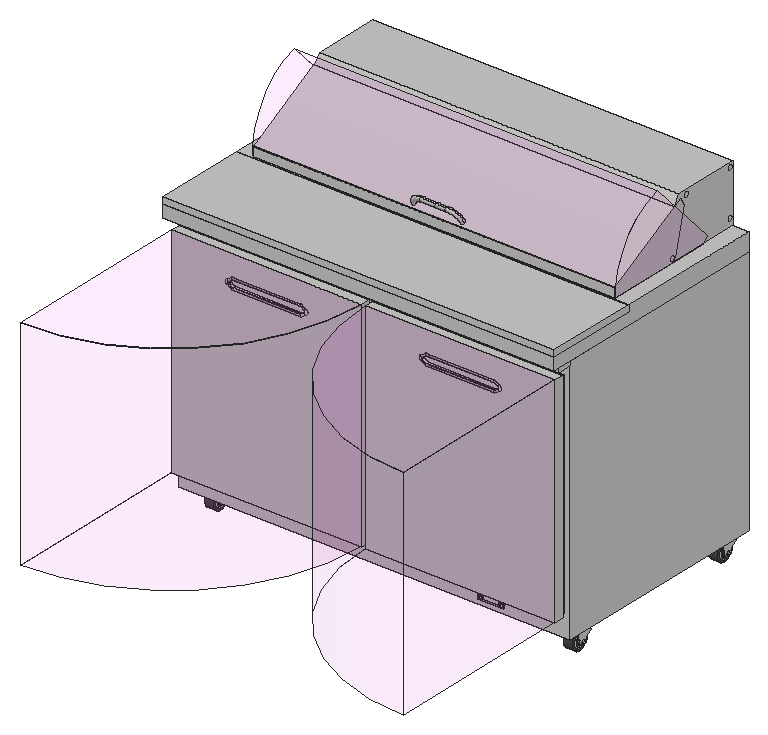
Revit family "QF_Kelvinator_738256_KCHST48.12_2-Door_Sandwich_Salad_Prep_Table_48_Long", category Specialty Equipment, Revit 2021
Family settings
  Round Connector Dimension = Use Diameter
  Part Type = Normal
  Work Plane-Based = No
  Always vertical = Yes
  Cut with Voids When Loaded = No
  Shared = No
  Room Calculation Point = No
Parameters
  Weight in Pounds = 222.667
  Watts = 700 W
  Volts = 115 V
  URL Cutsheet = ""
  Specification by User = ""
  Specification by Manufacturer = ""
  Serial Number = ""
  Seismic Rating = ""
  SMACNA No = ""
  Revision Code = ""
  Refrigerant Type = "R290"
  Phase = 1
  Number of Poles = 1
  NAFEM Spec ID Number = ""
  Model = "738256 (KCHST48.12)"
  Min Ckt Ampacity = 0 A
  Max Overcurrent Protection = 0 A
  Masterspec = ""
  Manufacturer = "Kelvinator Commercial"
  Length = 48.228"
  Item Number = "738256"
  Installed By = ""
  Identify Quantity as Lot = yes
  Height = 43.307"
  HP = "1/3"
  Furnished By = ""
  Foodservice Equipment Identifier = yes
  FL Amps = 4.3 A
  Electrical Remarks = ""
  Electric Connection Type = ""
  Elec Conn RI Height = 0.000"
  Elec Conn Connection Height = 0.000"
  Description = "2-Door Sandwich/Salad Prep Table 48\" Long"
  Depth = 29.921"
  Default Elevation = 0.000"
  Cycle = 60 Hz
  Conn Plug = "5-15P"
  Conn Conduit = yes
  CSI MasterFormat = ""
  Apparent Power = 0 VA
Reference planes (in)
  plane 1 "BACK": y = 0
  plane 2: z = 0
  plane 3 "LEFT": x = 0
  plane 4 "RIGHT": x = 48.228
  plane 5 "FRONT": y = -29.921
  plane 6 "TOP": z = 43.307
  plane 7 "Center Y": x = 24.114
  plane 8 "Center X": y = -14.9605
Dimensions and locks (in)
  equal spacing: plane 3 "LEFT", plane 7 "Center Y", plane 4 "RIGHT"
  "Length": plane 3 "LEFT" to plane 4 "RIGHT"
  equal spacing: plane 5 "FRONT", plane 8 "Center X", plane 1 "BACK"
  "Depth": plane 5 "FRONT" to plane 1 "BACK"
  "Height": plane 6 "TOP" to level
  aligned and locked: level to plane 2
Nested families (in)
  nested 1: "KCHST" at (0, 0, 0), type "KCHST"
    with Show Clearance yes
Connectors (in)
  electrical at (24.103, -0.87772, 2.31881), driven by "Volts", driven by "Watts"
    settings: on nested 1, index 1, voltage 115 V, apparent load 700 VA, apparent load phase1 0 VA, apparent load phase2 0 VA, apparent load phase3 0 VA, power factor 1, load classification "Power", number of poles 1, system type 30, power factor state 1, is connector primary yes, connector utility no, sub classification motor no, connector description "Electrical Connection"
Definition of nested family "KCHST"
  Parameters (values of type "KCHST")
    Weight in Pounds = 0
    URL Cutsheet = ""
    Specification by User = ""
    Specification by Manufacturer = ""
    Show Clearance [instance] = yes
    Serial Number = ""
    Seismic Rating = ""
    SMACNA No = ""
    Revision Code = ""
    NAFEM Spec ID Number = ""
    Masterspec = ""
    Length = 48.228"
    Item Number = ""
    Installed By = ""
    Identify Quantity as Lot = yes
    Height = 43.307"
    Furnished By = ""
    Foodservice Equipment Identifier = yes
    Depth = 29.921"
    Default Elevation = 0.000"
    CSI MasterFormat = ""
  Reference planes (in)
    plane 1 "BACK": y = 0
    plane 2: z = 0
    plane 3 "LEFT": x = 0
    plane 4 "RIGHT": x = 48.228
    plane 5 "FRONT": y = -29.921
    plane 6 "TOP": z = 43.307
    plane 7 "Center Y": x = 24.114
    plane 8 "Center X": y = -14.9605
    plane 9: z = 3.1
    plane 10: z = 33.9
    plane 11: y = -18.5
    plane 12: z = 36.2
    plane 13: y = -29.2
    plane 14: z = 32.4
    plane 15: z = 5.6
    plane 16: y = -27.5
    plane 17: x = 46.228
    plane 18: x = 2
    plane 19: x = 0.5
    plane 20: x = 47.75
    plane 21: x = 23.875
    plane 22: x = 0.74536
    plane 23: x = 23.62964
    plane 24: x = 12.1875
    plane 25: x = 47.50464
    plane 26: x = 24.62036
    plane 27: x = 36.0625
    plane 28: x = 46.375
    plane 29: x = 1.875
    plane 30: x = 1.945
    plane 31: x = 46.305
    plane 32: x = 0.5
    plane 33: x = 47.75
    plane 34: x = 46.5
    plane 35: x = 1.728
  Forms (in)
    Extrusion 1, solid
      sketch origin (0, 0, 0) x (0, 1, 0) y (0, 0, 1)
        loop
          line (-27.5, 33.9) -> (-27.5, 3.1) -> (0, 3.1) -> (0, 33.9) -> (-27.5, 33.9)
      from 0 to 48.228
    Extrusion 2, solid
      sketch origin (0, 0, 0) x (0, 1, 0) y (0, 0, 1)
        loop
          line (-18.5, 36.2) -> (-18.5, 35.45) -> (-29.921, 35.45) -> (-29.921, 33.9) -> (0, 33.9) -> (0, 36.2) -> (-18.5, 36.2)
      from 0 to 48.228
    Extrusion 3, solid
      sketch origin (0, 0, 0) x (0, 1, 0) y (0, 0, 1)
        loop
          line (-29.921, 36.2) -> (-29.921, 35.45) -> (-18.5, 35.45) -> (-18.5, 36.2) -> (-29.921, 36.2)
      from 0 to 48.228
    Extrusion 4, solid
      sketch origin (0, 0, 0) x (0, 1, 0) y (0, 0, 1)
        loop
          line (-18.25, 36.2) -> (-9.64835, 36.2003)
          arc (-9.64835, 36.2003) -> (-9.30801, 36.30019) -> (-9.06407, 36.55768) r 0.68096
          line (-9.06407, 36.55768) -> (-7.6646, 41.90007) -> (-8.09711, 42.7135) -> (-18.25, 37.31511) -> (-18.25, 36.2)
      from 1.875 to 46.375
    Extrusion 5, solid
      sketch origin (0, 0, 0) x (0, 1, 0) y (0, 0, 1)
        loop
          line (-9.64834, 36.2) -> (0, 36.2) -> (0, 43.307) -> (-8.24175, 43.307) -> (-8.9896, 42.23895) -> (-8.09711, 42.7135) -> (-7.6646, 41.90007) -> (-9.06407, 36.55768)
          arc (-9.06407, 36.55768) -> (-9.30801, 36.30019) -> (-9.64834, 36.2) r 0.68096
      from 1.945 to 46.305
    Extrusion 6, solid
      sketch origin (46.375, 0, 0) x (0, 1, 0) y (0, 0, 1)
        loop
          circle (-9.51178, 36.72547) r 0.25
      from 0 to 0.07437
    Extrusion 7, solid
      sketch origin (46.305, 0, 0) x (0, 1, 0) y (0, 0, 1)
        loop
          circle (-0.51178, 37.22547) r 0.25
      from 0 to 0.07
    Extrusion 8, solid
      sketch origin (46.305, 0, 0) x (0, 1, 0) y (0, 0, 1)
        loop
          circle (-0.51178, 42.84497) r 0.25
      from 0 to 0.07
    Extrusion 9, solid
      sketch origin (46.305, 0, 0) x (0, 1, 0) y (0, 0, 1)
        loop
          circle (-7.26178, 42.84497) r 0.25
      from 0 to 0.07
    Extrusion 10, solid
      sketch origin (1.875, 0, 0) x (0, -1, 0) y (0, 0, 1)
        loop
          circle (9.51178, 36.72547) r 0.25
      from 0 to 0.07437
    Extrusion 11, solid
      sketch origin (1.945, 0, 0) x (0, -1, 0) y (0, 0, 1)
        loop
          circle (0.5466, 37.22547) r 0.25
      from 0 to 0.07
    Extrusion 12, solid
      sketch origin (1.945, 0, 0) x (0, -1, 0) y (0, 0, 1)
        loop
          circle (0.5466, 42.84497) r 0.25
      from 0 to 0.07
    Extrusion 13, solid
      sketch origin (1.945, 0, 0) x (0, -1, 0) y (0, 0, 1)
        loop
          circle (7.2966, 42.84497) r 0.25
      from 0 to 0.07
    Sweep 14, solid
      path origin (0, 15.38088, 12.95025) x (1, 0, 0) y (0, -0.469472, 0.882948)
        loop
          line (21.8125, 37.02813) -> (21.8125, 37.18438)
          arc (21.8125, 37.18438) -> (22.03217, 37.71471) -> (22.5625, 37.93438) r 0.75
          line (22.5625, 37.93438) -> (24.4375, 37.93438) -> (25.6875, 37.93438)
          arc (25.6875, 37.93438) -> (26.21783, 37.71471) -> (26.4375, 37.18438) r 0.75
          line (26.4375, 37.18438) -> (26.4375, 37.02813)
      profile origin (25.0625, -2.42823, 46.44432) x (0, -0.469472, 0.882948) y (0, -0.882948, -0.469472)
        loop
          circle (0.69146, 17.59878) r 0.25
    Extrusion 15, solid
      sketch origin (0, 0, 0) x (0, 1, 0) y (0, 0, 1)
        loop
          line (-29.2, 33.9) -> (-29.2, 33.4) -> (-27.5, 33.4) -> (-27.5, 33.9) -> (-29.2, 33.9)
      from 0 to 48.228
    Extrusion 16, solid
      sketch origin (24.114, 6.90541, 48) x (0, 1, 0) y (0, 0, 1)
        loop
          line (-36.10541, -15.6) -> (-36.10541, -42.4) -> (-34.95211, -42.4) -> (-34.95211, -15.6) -> (-36.10541, -15.6)
      from -0.239 to -23.614
    Extrusion 17, solid
      sketch origin (0, 0, 0) x (0, 1, 0) y (0, 0, 1)
        loop
          line (-28.04671, 32.20449) -> (-28.04671, 5.81322) -> (-27.79671, 5.81322) -> (-27.79671, 32.20449) -> (-28.04671, 32.20449)
      from 0.74536 to 23.62964
    Extrusion 18, solid
      sketch origin (0, 0.25, 0) x (0, 1, 0) y (0, 0, 1)
        loop
          line (-28.04671, 32.20449) -> (-28.04671, 5.81322) -> (-27.864, 5.81322) -> (-27.864, 32.20449) -> (-28.04671, 32.20449)
      from 0.74536 to 23.62964
    Extrusion 19, solid
      sketch origin (0, 0.4327, 0) x (0, 1, 0) y (0, 0, 1)
        loop
          line (-28.04671, 32.20449) -> (-28.04671, 5.81322) -> (-27.9327, 5.81322) -> (-27.9327, 32.20449) -> (-28.04671, 32.20449)
      from 0.74536 to 23.62964
    Extrusion 20, solid
      sketch origin (-5.72957, -27.5, -4.77927) x (-1, 0, 0) y (0, 0, 1)
        loop
          line (-42.67533, 9.70772) -> (-45.82493, 9.70772) -> (-45.82493, 8.52662) -> (-42.67533, 8.52662) -> (-42.67533, 9.70772)
        loop
          line (-42.75407, 9.63107) -> (-43.14777, 9.63107) -> (-43.14777, 9.31193) -> (-42.75407, 9.31193) -> (-42.75407, 9.63107)
        loop
          line (-42.75407, 9.27674) -> (-43.14777, 9.27674) -> (-43.14777, 8.9576) -> (-42.75407, 8.9576) -> (-42.75407, 9.27674)
        loop
          line (-42.75407, 8.92241) -> (-43.14777, 8.92241) -> (-43.14777, 8.60327) -> (-42.75407, 8.60327) -> (-42.75407, 8.92241)
        loop
          line (-45.74619, 9.63107) -> (-45.74619, 9.31193) -> (-45.35249, 9.31193) -> (-45.35249, 9.63107) -> (-45.74619, 9.63107)
        loop
          line (-45.74619, 9.27674) -> (-45.74619, 8.9576) -> (-45.35249, 8.9576) -> (-45.35249, 9.27674) -> (-45.74619, 9.27674)
        loop
          line (-45.74619, 8.92241) -> (-45.74619, 8.60327) -> (-45.35249, 8.60327) -> (-45.35249, 8.92241) -> (-45.74619, 8.92241)
        loop
          line (-43.22525, 9.63107) -> (-45.27501, 9.63107) -> (-45.27501, 8.60716) -> (-43.22525, 8.60716) -> (-43.22525, 9.63107)
      from 0.07874 to -0.04602
    Extrusion 21, solid
      sketch origin (-5.72957, -27.54602, -4.77927) x (1, 0, 0) y (0, 0, 1)
        loop
          line (45.35249, 9.63107) -> (45.35249, 9.31193) -> (45.74619, 9.31193) -> (45.74619, 9.63107) -> (45.35249, 9.63107)
        loop
          line (45.35249, 9.27674) -> (45.35249, 8.9576) -> (45.74619, 8.9576) -> (45.74619, 9.27674) -> (45.35249, 9.27674)
        loop
          line (45.35249, 8.92241) -> (45.35249, 8.60327) -> (45.74619, 8.60327) -> (45.74619, 8.92241) -> (45.35249, 8.92241)
        loop
          line (43.14777, 9.63107) -> (42.75407, 9.63107) -> (42.75407, 9.31193) -> (43.14777, 9.31193) -> (43.14777, 9.63107)
        loop
          line (43.14777, 9.27674) -> (42.75407, 9.27674) -> (42.75407, 8.9576) -> (43.14777, 8.9576) -> (43.14777, 9.27674)
        loop
          line (43.14777, 8.92241) -> (42.75407, 8.92241) -> (42.75407, 8.60327) -> (43.14777, 8.60327) -> (43.14777, 8.92241)
      from 0 to -0.07874
    Extrusion 22, solid
      sketch origin (-5.72957, -27.54602, -4.77927) x (1, 0, 0) y (0, 0, 1)
        loop
          line (43.22525, 9.63107) -> (43.22525, 8.60716) -> (45.27501, 8.60716) -> (45.27501, 9.63107) -> (43.22525, 9.63107)
      from 0 to -0.07874
    Extrusion 23, void
      sketch origin (-5.72957, -27.5, -4.77927) x (-1, 0, 0) y (0, 0, 1)
        loop
          line (-42.67533, 9.70772) -> (-45.82493, 9.70772) -> (-45.82493, 8.52662) -> (-42.67533, 8.52662) -> (-42.67533, 9.70772)
      from 0 to 0.07874
    Extrusion 24, void
      sketch origin (-37.40318, -29.19996, 31.5181) x (0, 0, 1) y (1, 0, 0)
        loop
          line (-1.94791, 45.41568) -> (-1.94791, 53.76568) -> (-2.28604, 54.30668)
          arc (-2.28604, 54.30668) -> (-2.38541, 54.36176) -> (-2.48479, 54.30668) r 0.11719
          line (-2.48479, 54.30668) -> (-2.82291, 53.76568) -> (-2.82291, 45.41568) -> (-2.48621, 44.87696)
          arc (-2.48621, 44.87696) -> (-2.38541, 44.82109) -> (-2.28462, 44.87696) r 0.11887
          line (-2.28462, 44.87696) -> (-1.94791, 45.41568)
      from 0 to 0.31887
    Sweep 25, solid
      path origin (-37.40318, -26.39996, 31.5181) x (0, 0, -1) y (1, 0, 0)
        loop
          line (2.82291, 53.76568) -> (2.48479, 54.30668)
          arc (2.48479, 54.30668) -> (2.38541, 54.36176) -> (2.28604, 54.30668) r 0.11719
          line (2.28604, 54.30668) -> (1.94791, 53.76568) -> (1.94791, 45.41568) -> (2.28462, 44.87696)
          arc (2.28462, 44.87696) -> (2.38541, 44.82109) -> (2.48621, 44.87696) r 0.11887
          line (2.48621, 44.87696) -> (2.82291, 45.41568) -> (2.82291, 53.76568)
      profile origin (12.1875, -26.39996, 28.69519) x (0, 0, -1) y (0, -1, 0)
        loop
          line (0, 2.8) -> (0.25, 2.8)
          arc (0.25, 2.8) -> (0.125, 2.85269) -> (0, 2.8) r 0.17461
    Extrusion 26, solid
      sketch origin (-9.65625, -3.56521, 3.1) x (-1, 0, 0) y (0, 1, 0)
        loop
          circle (-33.75925, 2.68749) r 0.25
      from 0 to 0.78119
    Extrusion 27, solid
      sketch origin (24.114, 6.90541, 48) x (0, 1, 0) y (0, 0, -1)
        loop
          line (-36.10541, 15.6) -> (-34.95211, 15.6) -> (-34.95211, 42.4) -> (-36.10541, 42.4) -> (-36.10541, 15.6)
      from -0.25 to -23.625
    Extrusion 28, solid
      sketch origin (48.25, 0, 0) x (0, 1, 0) y (0, 0, -1)
        loop
          line (-28.04671, -32.20449) -> (-27.79671, -32.20449) -> (-27.79671, -5.81322) -> (-28.04671, -5.81322) -> (-28.04671, -32.20449)
      from 0.74536 to 23.62964
    Extrusion 29, solid
      sketch origin (48.25, 0.25, 0) x (0, 1, 0) y (0, 0, -1)
        loop
          line (-28.04671, -32.20449) -> (-27.864, -32.20449) -> (-27.864, -5.81322) -> (-28.04671, -5.81322) -> (-28.04671, -32.20449)
      from 0.74536 to 23.62964
    Extrusion 30, solid
      sketch origin (48.25, 0.4327, 0) x (0, 1, 0) y (0, 0, -1)
        loop
          line (-28.04671, -32.20449) -> (-27.9327, -32.20449) -> (-27.9327, -5.81322) -> (-28.04671, -5.81322) -> (-28.04671, -32.20449)
      from 0.74536 to 23.62964
    Extrusion 31, void
      sketch origin (85.65318, -29.19996, 31.5181) x (0, 0, 1) y (1, 0, 0)
        loop
          line (-1.94791, -45.41568) -> (-2.28462, -44.87696)
          arc (-2.28462, -44.87696) -> (-2.38541, -44.82109) -> (-2.48621, -44.87696) r 0.11887
          line (-2.48621, -44.87696) -> (-2.82291, -45.41568) -> (-2.82291, -53.76568) -> (-2.48479, -54.30668)
          arc (-2.48479, -54.30668) -> (-2.38541, -54.36176) -> (-2.28604, -54.30668) r 0.11719
          line (-2.28604, -54.30668) -> (-1.94791, -53.76568) -> (-1.94791, -45.41568)
      from 0 to 0.31887
    Sweep 32, solid
      path origin (85.65318, -26.39996, 31.5181) x (0, 0, -1) y (1, 0, 0)
        loop
          line (2.82291, -53.76568) -> (2.82291, -45.41568) -> (2.48621, -44.87696)
          arc (2.48621, -44.87696) -> (2.38541, -44.82109) -> (2.28462, -44.87696) r 0.11887
          line (2.28462, -44.87696) -> (1.94791, -45.41568) -> (1.94791, -53.76568) -> (2.28604, -54.30668)
          arc (2.28604, -54.30668) -> (2.38541, -54.36176) -> (2.48479, -54.30668) r 0.11719
          line (2.48479, -54.30668) -> (2.82291, -53.76568)
      profile origin (36.0625, -26.39996, 28.69519) x (0, 0, 1) y (0, -1, 0)
        loop
          arc (0, 2.8) -> (-0.125, 2.85269) -> (-0.25, 2.8) r 0.17461
          line (-0.25, 2.8) -> (0, 2.8)
    Extrusion 33, solid
      sketch origin (1.875, 0, 0) x (0, 1, 0) y (0, 0, -1)
        loop
          circle (-9.50353, -36.72547) r 0.25
      from 0 to 0.07437
    Extrusion 34, solid
      sketch origin (1.945, 0, 0) x (0, 1, 0) y (0, 0, -1)
        loop
          circle (-0.51178, -37.22547) r 0.25
      from 0 to 0.07
    Extrusion 35, solid
      sketch origin (1.945, 0, 0) x (0, 1, 0) y (0, 0, -1)
        loop
          circle (-0.51178, -42.84497) r 0.25
      from 0 to 0.07
    Extrusion 36, solid
      sketch origin (1.945, 0, 0) x (0, 1, 0) y (0, 0, -1)
        loop
          circle (-7.26178, -42.84497) r 0.25
      from 0 to 0.07
    Extrusion 37, solid
      sketch origin (0, 9.61225, 5.6) x (1, 0, 0) y (0, -1, 0)
        loop
          arc (23.875, 38.81225) -> (17.02862, 55.34087) -> (0.5, 62.18725) r 23.375
          line (0.5, 62.18725) -> (0.5, 38.81225) -> (23.875, 38.81225)
        loop
          line (24.375, 38.81225) -> (47.75, 38.81225) -> (47.75, 62.18725)
          arc (47.75, 62.18725) -> (31.22138, 55.34087) -> (24.375, 38.81225) r 23.375
      from 0 to -26.8
    Extrusion 38, solid, visible <- "Show Clearance"
      sketch origin (28.9375, 0, 0) x (0, 1, 0) y (0, 0, 1)
        loop
          line (-4.77428, 36.2) -> (-4.04293, 36.87437) -> (-11.71985, 45.19986)
          arc (-11.71985, 45.19986) -> (-16.2542, 42.3087) -> (-18.25, 37.31511) r 8.77367
          line (-18.25, 37.31511) -> (-18.25, 36.2) -> (-4.77428, 36.2)
      from 17.5625 to -27.2095
  Cuts and joins
    Extrusion 23 cuts Extrusion 20
    Extrusion 24, Extrusion 31 cuts Extrusion 16
    Extrusion 31 cuts Extrusion 27
    joined: Extrusion 4, Sweep 14
  Lines and regions (in)
    symbolic lines
      curve 1: line (48.25, -29.9375, 0) -> (48.25, 0, 0)
      curve 2: line (48.25, 0, 0) -> (0, 0, 0)
      curve 3: line (0, 0, 0) -> (0, -29.9375, 0)
      curve 4: line (0, -18.5, 0) -> (22.03832, -18.5, 0)
      curve 5: line (0, -29.9375, 0) -> (48.25, -29.9375, 0)
      curve 6: line (0, -18.25, 0) -> (21.30835, -18.25, 0)
      curve 7: line (1.945, -8.99785, 0) -> (46.305, -8.99785, 0)
      curve 8: line (1.945, -8.25, 0) -> (46.305, -8.25, 0)
      curve 9: line (46.305, -8.99785, 0) -> (46.305, 0, 0)
      curve 10: line (46.375, -9.26178, 0) -> (46.44937, -9.26178, 0)
      curve 11: line (46.375, -9.76178, 0) -> (46.44937, -9.76178, 0)
      curve 12: line (46.375, -7.67285, 0) -> (46.305, -7.67285, 0)
      curve 13: line (46.375, -8.10536, 0) -> (46.305, -8.10536, 0)
      curve 14: line (46.375, -7.51178, 0) -> (46.305, -7.51178, 0)
      curve 15: line (46.375, -7.01178, 0) -> (46.305, -7.01178, 0)
      curve 16: line (46.375, -0.76178, 0) -> (46.305, -0.76178, 0)
      curve 17: line (46.375, -0.26178, 0) -> (46.305, -0.26178, 0)
      curve 18: spline (20.87104, -17.62226, 0) -> (20.87956, -17.56513, 0) -> (20.90453, -17.51189, 0) -> (20.94426, -17.46617, 0) -> (20.99604, -17.43109, 0) -> (21.05634, -17.40904, 0) -> (21.12104, -17.40152, 0) -> (21.18575, -17.40904, 0) -> (21.24604, -17.43109, 0) -> (21.29782, -17.46617, 0) -> (21.33755, -17.51189, 0) -> (21.36252, -17.56513, 0) -> (21.37104, -17.62226, 0)
      curve 19: spline (26.87896, -17.62226, 0) -> (26.88748, -17.56513, 0) -> (26.91245, -17.51189, 0) -> (26.95218, -17.46617, 0) -> (27.00396, -17.43109, 0) -> (27.06425, -17.40904, 0) -> (27.12896, -17.40152, 0) -> (27.19366, -17.40904, 0) -> (27.25396, -17.43109, 0) -> (27.30574, -17.46617, 0) -> (27.34547, -17.51189, 0) -> (27.37044, -17.56513, 0) -> (27.37896, -17.62226, 0)
      curve 20: line (24.125, -18.0415, 0) -> (25.74335, -18.0415, 0)
      curve 21: line (24.125, -18.53489, 0) -> (25.875, -18.53489, 0)
      curve 22: line (27.37896, -17.62226, 0) -> (27.37896, -17.65335, 0)
      curve 23: line (26.87896, -17.62226, 0) -> (26.87896, -17.65335, 0)
      curve 24: arc (26.87896, -17.65335, 0) -> (26.64546, -17.84879, 0) -> (26.35946, -17.95329, 0) r 0.88295
      curve 25: arc (27.37896, -17.65335, 0) -> (27.32166, -17.868, 0) -> (27.19407, -18.04986, 0) r 0.63628
      curve 26: arc (26.35946, -17.95329, 0) -> (26.05454, -18.01934, 0) -> (25.74335, -18.0415, 0) r 2.19561
      curve 27: arc (27.19407, -18.04986, 0) -> (26.94314, -18.24907, 0) -> (26.6541, -18.38727, 0) r 1.4269
      curve 28: arc (26.6541, -18.38727, 0) -> (26.26996, -18.48961, 0) -> (25.875, -18.53489, 0) r 2.72085
      curve 29: line (24.125, -18.0415, 0) -> (22.50665, -18.0415, 0)
      curve 30: line (24.125, -18.53489, 0) -> (22.375, -18.53489, 0)
      curve 31: line (20.87104, -17.62226, 0) -> (20.87104, -17.65335, 0)
      curve 32: line (21.37104, -17.62226, 0) -> (21.37104, -17.65335, 0)
      curve 33: arc (21.37104, -17.65335, 0) -> (21.60454, -17.84879, 0) -> (21.89054, -17.95329, 0) r 0.88295
      curve 34: arc (20.87104, -17.65335, 0) -> (20.92834, -17.868, 0) -> (21.05593, -18.04986, 0) r 0.63628
      curve 35: arc (21.89054, -17.95329, 0) -> (22.19546, -18.01934, 0) -> (22.50665, -18.0415, 0) r 2.19561
      curve 36: arc (21.05593, -18.04986, 0) -> (21.30686, -18.24907, 0) -> (21.5959, -18.38727, 0) r 1.4269
      curve 37: arc (21.5959, -18.38727, 0) -> (21.98004, -18.48961, 0) -> (22.375, -18.53489, 0) r 2.72085
      curve 38: line (26.94165, -18.25, 0) -> (48.25, -18.25, 0)
      curve 39: line (26.21168, -18.5, 0) -> (48.25, -18.5, 0)
      curve 40: line (46.375, -7.01178, 0) -> (46.375, -7.51178, 0)
      curve 41: line (46.375, -7.67285, 0) -> (46.375, -18.25, 0)
      curve 42: line (46.44937, -9.26178, 0) -> (46.44937, -9.76178, 0)
      curve 43: line (46.375, -0.76178, 0) -> (46.375, -0.26178, 0)
      curve 44: line (1.945, -8.99785, 0) -> (1.945, 0, 0)
      curve 45: line (1.875, -9.26178, 0) -> (1.80063, -9.26178, 0)
      curve 46: line (1.875, -9.76178, 0) -> (1.80063, -9.76178, 0)
      curve 47: line (1.875, -7.67285, 0) -> (1.945, -7.67285, 0)
      curve 48: line (1.875, -8.10536, 0) -> (1.945, -8.10536, 0)
      curve 49: line (1.875, -7.5466, 0) -> (1.945, -7.5466, 0)
      curve 50: line (1.875, -7.01178, 0) -> (1.945, -7.01178, 0)
      curve 51: line (1.875, -0.7966, 0) -> (1.945, -0.7966, 0)
      curve 52: line (1.875, -0.26178, 0) -> (1.945, -0.26178, 0)
      curve 53: line (1.875, -7.0466, 0) -> (1.875, -7.5466, 0)
      curve 54: line (1.875, -7.67285, 0) -> (1.875, -18.25, 0)
      curve 55: line (1.80063, -9.26178, 0) -> (1.80063, -9.76178, 0)
      curve 56: line (1.875, -0.76178, 0) -> (1.875, -0.26178, 0)
      curve 57: arc (23.86336, -29.9375, 0) -> (22.89064, -35.91193, 0) -> (20.41644, -41.43626, 0) r 23.375
      curve 58: arc (27.83356, -41.43626, 0) -> (25.35936, -35.91193, 0) -> (24.38664, -29.9375, 0) r 23.375
      curve 59: line (0.5, -29.9375, 0) -> (20.41644, -41.43626, 0)
      curve 60: line (47.75, -29.9375, 0) -> (27.83356, -41.43626, 0)
  Dimensions and locks (in)
    equal spacing: plane 3 "LEFT", plane 7 "Center Y", plane 4 "RIGHT"
    "Length": plane 3 "LEFT" to plane 4 "RIGHT"
    equal spacing: plane 5 "FRONT", plane 8 "Center X", plane 1 "BACK"
    "Depth": plane 5 "FRONT" to plane 1 "BACK"
    "Height": plane 6 "TOP" to level
    level to plane 9 = 3.100"
    plane 10 to plane 9 = 30.800"
    plane 6 "TOP" to plane 10 = 9.407"
    plane 5 "FRONT" to plane 1 "BACK" = 29.921"
    plane 11 to plane 1 "BACK" = 18.500"
    plane 10 to plane 12 = 2.300"
    plane 15 to plane 14 = 26.800"
    locked: plane 4 "RIGHT" to plane 17 at 2
    locked: plane 3 "LEFT" to plane 18 at 2
    plane 19 to plane 20 = 47.250"
    plane 29 to plane 28 = 44.500"
    aligned and locked: level to plane 2
    aligned and locked: plane 17 to nested 3
    aligned and locked: plane 17 to nested 1
    aligned and locked: nested 4 to plane 18
    aligned and locked: nested 2 to plane 18
    aligned and locked: Extrusion 1 to plane 4 "RIGHT"
    aligned and locked: Extrusion 2 to plane 4 "RIGHT"
    aligned and locked: Extrusion 15 to plane 4 "RIGHT"
    aligned and locked: Extrusion 3 to plane 4 "RIGHT"
    aligned and locked: cut or joined group of Extrusion 16, Extrusion 24, Extrusion 31 to plane 19
    aligned and locked: plane 21 to cut or joined group of Extrusion 16, Extrusion 24, Extrusion 31
    aligned and locked: Extrusion 18 to plane 23
    aligned and locked: Extrusion 17 to plane 23
    aligned and locked: Extrusion 19 to plane 23
    aligned and locked: plane 26 to Extrusion 29
    aligned and locked: plane 26 to Extrusion 28
    aligned and locked: plane 26 to Extrusion 30
    aligned and locked: cut or joined group of Extrusion 4, Sweep 14 to plane 28
    aligned and locked: plane 29 to cut or joined group of Extrusion 4, Sweep 14
    aligned and locked: plane 30 to Extrusion 5
    aligned and locked: Extrusion 5 to plane 31
  Automatic sketch dimensions
    plane 9 to Extrusion 1 sketch curve = 0.000"
    Extrusion 1 sketch curve to plane 16 = 0.000"
    Extrusion 1 sketch curve to plane 1 "BACK" = 0.000"
    Extrusion 1 sketch curve to plane 10 = 0.000"
    Extrusion 2 sketch curve to plane 5 "FRONT" = 0.000"
    Extrusion 2 sketch curve to plane 11 = 0.000"
    Extrusion 2 sketch curve to plane 1 "BACK" = 0.000"
    Extrusion 2 sketch curve to plane 10 = 0.000"
    plane 12 to Extrusion 2 sketch curve = 0.000"
    plane 12 to Extrusion 2 sketch curve = 0.750"
    Extrusion 3 sketch curve to plane 5 "FRONT" = 0.000"
    Extrusion 3 sketch curve to plane 11 = 0.000"
    plane 12 to Extrusion 3 sketch curve = 0.000"
    plane 12 to Extrusion 3 sketch curve = 0.750"
    plane 12 to Extrusion 4 sketch curve = 0.000"
    Extrusion 4 sketch curve to plane 11 = 0.250"
    Extrusion 4 sketch curve to plane 12 = 0.6811"
    plane 8 "Center X" to Extrusion 4 sketch curve = 5.29717"
    Extrusion 4 sketch curve to plane 12 = 0.35768"
    Extrusion 4 sketch curve to Extrusion 4 sketch curve = 0.59925"
    Extrusion 4 sketch curve to plane 6 "TOP" = 0.5935"
    Extrusion 4 sketch curve to Extrusion 4 sketch curve = 1.56621"
    Extrusion 4 sketch curve to plane 6 "TOP" = 1.40693"
    Extrusion 4 sketch curve to Extrusion 4 sketch curve = 0.43251"
    Extrusion 4 sketch curve to plane 12 = 0.0003"
    Extrusion 4 sketch curve to Extrusion 4 sketch curve = 0.00001"
    plane 12 to Extrusion 5 sketch curve = 0.000"
    Extrusion 5 sketch curve to plane 6 "TOP" = 0.000"
    Extrusion 5 sketch curve to plane 1 "BACK" = 0.000"
    Extrusion 5 sketch curve to plane 6 "TOP" = 1.40693"
    plane 8 "Center X" to Extrusion 5 sketch curve = 7.2959"
    Extrusion 5 sketch curve to plane 6 "TOP" = 0.5935"
    Extrusion 5 sketch curve to Extrusion 5 sketch curve = 0.43251"
    Extrusion 5 sketch curve to Extrusion 5 sketch curve = 0.14464"
    Extrusion 5 sketch curve to plane 6 "TOP" = 1.06805"
    Extrusion 5 sketch curve to plane 12 = 0.35768"
    Extrusion 5 sketch curve to Extrusion 5 sketch curve = 1.39947"
    Extrusion 5 sketch curve to Extrusion 5 sketch curve = 0.59925"
    Extrusion 5 sketch curve to Extrusion 5 sketch curve = 0.32342"
    Extrusion 5 sketch curve to Extrusion 5 sketch curve = 0.01499"
    Extrusion 5 sketch curve to plane 12 = 0.0003"
    Extrusion 6 sketch curve to Extrusion 4 = 0.52547"
    Extrusion 6 sketch curve to Extrusion 4 = 8.73822"
    Extrusion 7 sketch curve to Extrusion 5 = 0.51178"
    Extrusion 7 sketch curve to Extrusion 5 = 1.02547"
    Extrusion 8 sketch curve to Extrusion 5 = 0.51178"
    Extrusion 8 sketch curve to Extrusion 5 = 0.46203"
    Extrusion 9 sketch curve to Extrusion 5 = 0.46203"
    Extrusion 9 sketch curve to Extrusion 5 = 7.26178"
    Extrusion 10 sketch curve to Extrusion 4 = 0.52547"
    Extrusion 10 sketch curve to Extrusion 4 = 8.73822"
    Extrusion 11 sketch curve to Extrusion 5 = 0.5466"
    Extrusion 11 sketch curve to Extrusion 5 = 1.02547"
    Extrusion 12 sketch curve to Extrusion 5 = 0.5466"
    Extrusion 12 sketch curve to Extrusion 5 = 0.46203"
    Extrusion 13 sketch curve to Extrusion 5 = 0.46203"
    Extrusion 13 sketch curve to Extrusion 5 = 7.2966"
    plane 23 to Sweep 14 sketch curve = 1.81714"
    Sweep 14 sketch curve to Sweep 14 sketch curve = 0.750"  (x2)
    Sweep 14 sketch curve to plane 26 = 0.18286"
    plane 26 to Sweep 14 sketch curve = 1.06714"
    Sweep 14 sketch curve to Sweep 14 sketch curve = 0.15625"  (x2)
    Sweep 14 sketch curve to profile plane = 0.69146"
    profile plane to Sweep 14 sketch curve = 17.59878"
    Extrusion 15 sketch curve to plane 10 = 0.000"
    Extrusion 15 sketch curve to plane 13 = 0.000"
    Extrusion 15 sketch curve to plane 16 = 0.000"
    Extrusion 15 sketch curve to Extrusion 15 sketch curve = 0.500"
    Extrusion 16 sketch curve to plane 13 = 0.000"
    plane 15 to Extrusion 16 sketch curve = 0.000"
    plane 14 to Extrusion 16 sketch curve = 0.000"
    Extrusion 16 sketch curve to plane 16 = 0.54671"
    Extrusion 17 sketch curve to plane 15 = 0.21322"
    Extrusion 17 sketch curve to plane 16 = 0.54671"
    Extrusion 17 sketch curve to Extrusion 17 sketch curve = 0.250"
    plane 14 to Extrusion 17 sketch curve = 0.19551"
    Extrusion 18 sketch curve to plane 16 = 0.29671"
    Extrusion 18 sketch curve to plane 16 = 0.114"
    Extrusion 18 sketch curve to plane 15 = 0.21322"
    plane 14 to Extrusion 18 sketch curve = 0.19551"
    Extrusion 19 sketch curve to plane 16 = 0.000"
    Extrusion 19 sketch curve to Extrusion 19 sketch curve = 0.114"
    Extrusion 19 sketch curve to plane 15 = 0.21322"
    plane 14 to Extrusion 19 sketch curve = 0.19551"
    plane 15 to Extrusion 20 sketch curve = 0.67154"
    Extrusion 20 sketch curve to plane 27 = 4.03286"
    Extrusion 20 sketch curve to Extrusion 20 sketch curve = 0.07874"  (x3)
    Extrusion 20 sketch curve to Extrusion 20 sketch curve = 0.000"  (x8)
    Extrusion 20 sketch curve to Extrusion 20 sketch curve = 0.3937"  (x2)
    Extrusion 20 sketch curve to Extrusion 20 sketch curve = 0.07748"  (x3)
    Extrusion 20 sketch curve to plane 27 = 1.43318"
    Extrusion 20 sketch curve to Extrusion 20 sketch curve = 0.07665"  (x2)
    Extrusion 20 sketch curve to Extrusion 20 sketch curve = 0.31914"  (x6)
    Extrusion 20 sketch curve to Extrusion 20 sketch curve = 0.03519"  (x4)
    Extrusion 20 sketch curve to Extrusion 20 sketch curve = 0.31525"
    Extrusion 20 to Extrusion 21 sketch curve = 0.000"  (x10)
    Extrusion 21 sketch curve to Extrusion 20 = 0.000"  (x14)
    Extrusion 22 sketch curve to Extrusion 20 = 0.000"  (x3)
    Extrusion 20 to Extrusion 22 sketch curve = 0.000"
    plane 15 to Extrusion 23 sketch curve = 0.67154"
    Extrusion 23 sketch curve to plane 27 = 4.03286"
    Extrusion 23 sketch curve to plane 27 = 0.88326"
    Extrusion 23 sketch curve to plane 9 = 0.64735"
    plane 14 to Extrusion 24 sketch curve = 3.70481"
    Extrusion 24 sketch curve to Extrusion 24 sketch curve = 0.3367"
    Extrusion 24 sketch curve to Extrusion 24 sketch curve = 0.33813"  (x2)
    Extrusion 24 sketch curve to Extrusion 24 sketch curve = 0.09937"  (x2)
    Extrusion 24 sketch curve to Extrusion 24 sketch curve = 0.1008"  (x2)
    Extrusion 24 sketch curve to plane 24 = 4.71372"
    Extrusion 24 sketch curve to Extrusion 24 sketch curve = 0.063"
    Extrusion 24 sketch curve to Extrusion 24 sketch curve = 0.53872"  (x2)
    plane 24 to Extrusion 24 sketch curve = 4.175"
    Extrusion 24 sketch curve to Extrusion 24 sketch curve = 0.000"
    Extrusion 24 sketch curve to Extrusion 24 sketch curve = 0.47889"
    Extrusion 24 sketch curve to Extrusion 24 sketch curve = 0.06211"
    plane 14 to Sweep 25 sketch curve = 2.82981"
    Sweep 25 sketch curve to Sweep 25 sketch curve = 0.3367"
    Sweep 25 sketch curve to Sweep 25 sketch curve = 0.33813"  (x2)
    Sweep 25 sketch curve to Sweep 25 sketch curve = 0.09937"  (x2)
    Sweep 25 sketch curve to Sweep 25 sketch curve = 0.1008"  (x2)
    Sweep 25 sketch curve to plane 24 = 4.71372"
    Sweep 25 sketch curve to Sweep 25 sketch curve = 0.063"
    Sweep 25 sketch curve to Sweep 25 sketch curve = 0.53872"  (x2)
    plane 24 to Sweep 25 sketch curve = 4.175"
    Sweep 25 sketch curve to Sweep 25 sketch curve = 0.000"
    Sweep 25 sketch curve to Sweep 25 sketch curve = 0.47889"
    Sweep 25 sketch curve to Sweep 25 sketch curve = 0.06211"
    Sweep 25 sketch curve to profile plane = 0.000"
    Sweep 25 sketch curve to profile plane = 0.125"
    profile plane to Sweep 25 sketch curve = 2.67809"
    Sweep 25 sketch curve to Sweep 25 sketch curve = 0.12191"
    Extrusion 1 to Extrusion 26 sketch curve = 0.87772"
    Extrusion 26 sketch curve to Extrusion 1 = 24.125"
    Extrusion 27 sketch curve to plane 13 = 0.000"
    plane 15 to Extrusion 27 sketch curve = 0.000"
    plane 14 to Extrusion 27 sketch curve = 0.000"
    Extrusion 27 sketch curve to plane 16 = 0.54671"
    Extrusion 28 sketch curve to plane 15 = 0.21322"
    Extrusion 28 sketch curve to plane 16 = 0.54671"
    Extrusion 28 sketch curve to Extrusion 28 sketch curve = 0.250"
    plane 14 to Extrusion 28 sketch curve = 0.19551"
    Extrusion 29 sketch curve to plane 16 = 0.29671"
    Extrusion 29 sketch curve to plane 16 = 0.114"
    plane 14 to Extrusion 29 sketch curve = 0.19551"
    Extrusion 29 sketch curve to plane 15 = 0.21322"
    Extrusion 30 sketch curve to plane 16 = 0.000"
    Extrusion 30 sketch curve to Extrusion 30 sketch curve = 0.114"
    plane 14 to Extrusion 30 sketch curve = 0.19551"
    Extrusion 30 sketch curve to plane 15 = 0.21322"
    plane 14 to Extrusion 31 sketch curve = 3.70481"
    Extrusion 31 sketch curve to Extrusion 31 sketch curve = 0.3367"
    Extrusion 31 sketch curve to Extrusion 31 sketch curve = 0.33813"  (x2)
    Extrusion 31 sketch curve to Extrusion 31 sketch curve = 0.09937"  (x2)
    Extrusion 31 sketch curve to Extrusion 31 sketch curve = 0.1008"  (x2)
    plane 27 to Extrusion 31 sketch curve = 4.716"
    Extrusion 31 sketch curve to Extrusion 31 sketch curve = 0.06211"
    Extrusion 31 sketch curve to Extrusion 31 sketch curve = 0.541"  (x2)
    Extrusion 31 sketch curve to plane 27 = 4.175"
    Extrusion 31 sketch curve to Extrusion 31 sketch curve = 0.000"
    Extrusion 31 sketch curve to Extrusion 31 sketch curve = 0.47572"
    Extrusion 31 sketch curve to Extrusion 31 sketch curve = 0.063"
    plane 14 to Sweep 32 sketch curve = 2.82981"
    Sweep 32 sketch curve to Sweep 32 sketch curve = 0.3367"
    Sweep 32 sketch curve to Sweep 32 sketch curve = 0.33813"  (x2)
    Sweep 32 sketch curve to Sweep 32 sketch curve = 0.09937"  (x2)
    Sweep 32 sketch curve to Sweep 32 sketch curve = 0.1008"  (x2)
    plane 27 to Sweep 32 sketch curve = 4.716"
    Sweep 32 sketch curve to Sweep 32 sketch curve = 0.06211"
    Sweep 32 sketch curve to Sweep 32 sketch curve = 0.541"  (x2)
    Sweep 32 sketch curve to plane 27 = 4.175"
    Sweep 32 sketch curve to Sweep 32 sketch curve = 0.000"
    Sweep 32 sketch curve to Sweep 32 sketch curve = 0.47572"
    Sweep 32 sketch curve to Sweep 32 sketch curve = 0.063"
    profile plane to Sweep 32 sketch curve = 0.000"
    profile plane to Sweep 32 sketch curve = 0.125"
    profile plane to Sweep 32 sketch curve = 2.67809"
    Sweep 32 sketch curve to Sweep 32 sketch curve = 0.12191"
    Extrusion 33 sketch curve to plane 12 = 0.52547"
    plane 8 "Center X" to Extrusion 33 sketch curve = 5.45697"
    plane 1 "BACK" to Extrusion 34 sketch curve = 0.51178"
    Extrusion 34 sketch curve to plane 12 = 1.02547"
    plane 1 "BACK" to Extrusion 35 sketch curve = 0.51178"
    Extrusion 35 sketch curve to plane 6 "TOP" = 0.46203"
    Extrusion 36 sketch curve to plane 6 "TOP" = 0.46203"
    plane 1 "BACK" to Extrusion 36 sketch curve = 7.26178"
    Extrusion 37 sketch curve to plane 13 = 0.000"  (x2)
    Extrusion 37 sketch curve to plane 19 = 0.000"
    Extrusion 37 sketch curve to plane 21 = 0.000"
    Extrusion 37 sketch curve to plane 20 = 0.000"
    Extrusion 37 sketch curve to plane 26 = 0.24536"
    curve 6 to plane 3 "LEFT" = 0.000"
    curve 57 to plane 13 = 0.000"
    curve 57 to plane 19 = 0.000"
    curve 59 to plane 19 = 0.000"
    curve 51 to plane 29 = 0.000"
    curve 45 to plane 29 = 0.000"
    curve 52 to plane 29 = 0.000"
    curve 49 to plane 29 = 0.000"
    curve 50 to plane 29 = 0.000"
    curve 52 to plane 30 = 0.000"
    plane 11 to curve 4 = 0.000"
    plane 11 to curve 39 = 0.000"
    curve 13 to plane 31 = 0.000"
    curve 40 to plane 28 = 0.000"
    curve 17 to plane 28 = 0.000"
    curve 41 to plane 28 = 0.000"
    curve 58 to plane 13 = 0.000"
    curve 58 to plane 20 = 0.000"
    curve 60 to plane 20 = 0.000"
    plane 1 "BACK" to curve 2 = 0.000"
    curve 46 to curve 46 = 0.07437"
    plane 23 to curve 59 = 3.2132"
    curve 31 to plane 11 = 0.87774"
    plane 23 to curve 31 = 2.7586"
    curve 18 to curve 32 = 0.500"
    curve 32 to curve 34 = 0.13396"
    curve 34 to curve 33 = 0.54101"
    curve 33 to curve 36 = 0.01698"
    plane 11 to curve 30 = 0.03489"
    plane 23 to curve 30 = 1.25464"
    plane 23 to curve 37 = 1.14306"
    curve 30 to curve 29 = 0.13165"
    plane 7 "Center Y" to curve 30 = 0.011"
    plane 7 "Center Y" to curve 29 = 0.011"
    curve 20 to plane 11 = 0.4585"
    plane 26 to curve 20 = 1.12298"
    curve 26 to curve 28 = 0.02008"
    curve 26 to curve 21 = 0.13165"
    curve 20 to curve 27 = 0.44366"
    curve 27 to curve 24 = 0.01698"
    curve 24 to curve 25 = 0.54101"
    curve 25 to curve 23 = 0.13396"
    curve 23 to curve 22 = 0.500"
    plane 26 to curve 60 = 3.2132"
    curve 10 to curve 10 = 0.07437"
    curve 5 to plane 4 "RIGHT" = 0.022"
    plane 5 "FRONT" to curve 1 = 0.0165"
    plane 5 "FRONT" to curve 60 = 11.51526"
    curve 59 to curve 58 = 0.000"
    curve 39 to curve 23 = 0.84665"
    curve 31 to curve 31 = 0.03109"
    curve 23 to curve 22 = 0.000"
    curve 32 to curve 18 = 0.03109"
    curve 24 to curve 23 = 0.03109"
    curve 19 to curve 25 = 0.02317"
    curve 32 to curve 34 = 0.02317"
    curve 25 to curve 24 = 0.51496"
    curve 34 to curve 33 = 0.51496"
    curve 24 to curve 27 = 0.04514"
    curve 33 to curve 36 = 0.04514"
    curve 35 to plane 8 "Center X" = 0.88539"
    curve 26 to plane 8 "Center X" = 0.88539"
    curve 35 to curve 37 = 0.02957"
    curve 26 to curve 28 = 0.02957"
    plane 8 "Center X" to curve 46 = 5.19872"
    plane 8 "Center X" to curve 42 = 5.19872"
    curve 11 to curve 42 = 0.500"
    curve 46 to curve 45 = 0.500"
    curve 45 to curve 44 = 0.26393"
    curve 7 to curve 12 = 1.325"
    curve 7 to curve 54 = 1.325"
    curve 47 to curve 53 = 0.12625"
    curve 12 to curve 40 = 0.16107"
    curve 14 to curve 40 = 0.500"
    plane 1 "BACK" to curve 43 = 0.76178"
    plane 1 "BACK" to curve 17 = 0.26178"
    plane 1 "BACK" to curve 56 = 0.26178"
    curve 36 to curve 34 = 0.000"
    curve 6 to plane 11 = 0.250"
    curve 27 to curve 28 = 0.000"
    curve 38 to plane 11 = 0.250"
    curve 8 to curve 47 = 0.57715"
    curve 8 to curve 13 = 0.14464"
    curve 8 to curve 48 = 0.14464"
    curve 49 to curve 53 = 0.500"
    curve 53 to curve 50 = 0.03482"
    curve 51 to curve 52 = 0.53482"
    curve 51 to curve 56 = 0.03482"
    plane 12 to Extrusion 38 sketch curve = 0.000"
    Extrusion 38 sketch curve to plane 11 = 0.250"
    plane 6 "TOP" to Extrusion 38 sketch curve = 1.89286"
    plane 8 "Center X" to Extrusion 38 sketch curve = 3.24065"
    Extrusion 38 sketch curve to plane 12 = 0.51243"
    Extrusion 38 sketch curve to Extrusion 38 sketch curve = 8.75294"
    Extrusion 38 sketch curve to Extrusion 38 sketch curve = 4.72278"
    Extrusion 38 sketch curve to plane 12 = 0.67437"
    radius of Extrusion 6 sketch curve = 0.250"
    radius of Extrusion 7 sketch curve = 0.250"
    radius of Extrusion 8 sketch curve = 0.250"
    radius of Extrusion 9 sketch curve = 0.250"
    radius of Extrusion 10 sketch curve = 0.250"
    radius of Extrusion 11 sketch curve = 0.250"
    radius of Extrusion 12 sketch curve = 0.250"
    radius of Extrusion 13 sketch curve = 0.250"
    radius of Sweep 14 sketch curve = 0.250"
    radius of Extrusion 26 sketch curve = 0.250"
    radius of Extrusion 33 sketch curve = 0.250"
    radius of Extrusion 34 sketch curve = 0.250"
    radius of Extrusion 35 sketch curve = 0.250"
    radius of Extrusion 36 sketch curve = 0.250"
  Nested families (in)
    nested 1: "3 INCHES 01_CASTER" at (46.228, -24.75, 0), type "3 INCHES 01_CASTER"
      with Type Mark "", Specification by User "", Revision Code "", Item Number "", Installed By "", Identify Quantity as Lot yes, Furnished By "", Foodservice Equipment Identifier yes, 3 Inches Caster yes
    nested 2: "3 INCHES 01_CASTER" at (2, -24.75, 0), type "3 INCHES 01_CASTER"
      with Type Mark "", Specification by User "", Revision Code "", Item Number "", Installed By "", Identify Quantity as Lot yes, Furnished By "", Foodservice Equipment Identifier yes, 3 Inches Caster yes
    nested 3: "3 INCHES 01_CASTER" at (46.228, -2.375, 0), type "3 INCHES 01_CASTER"
      with Type Mark "", Specification by User "", Revision Code "", Item Number "", Installed By "", Identify Quantity as Lot yes, Furnished By "", Foodservice Equipment Identifier yes, 3 Inches Caster yes
    nested 4: "3 INCHES 01_CASTER" at (2, -2.375, 0), type "3 INCHES 01_CASTER"
      with Type Mark "", Specification by User "", Revision Code "", Item Number "", Installed By "", Identify Quantity as Lot yes, Furnished By "", Foodservice Equipment Identifier yes, 3 Inches Caster yes
  Definition of nested family "3 INCHES 01_CASTER"
    Parameters (values of type "3 INCHES 01_CASTER")
      Weight = ""
      URL Manufacturer = ""
      URL Cutsheet = ""
      URL = ""
      Type Mark [instance] = ""
      Specification by User [instance] = ""
      Specification by Manufacturer = ""
      Serial Number = ""
      Seismic Rating = ""
      SMACNA No = ""
      Revision Code [instance] = ""
      Omniclass Number and Title = ""
      NAFEM Spec ID Number = ""
      Model = ""
      MasterSpec. = ""
      Manufacturer = ""
      Item Number [instance] = ""
      Installed By [instance] = ""
      Identify Quantity as Lot [instance] = yes
      Furnished By [instance] = ""
      Foodservice Equipment Identifier [instance] = yes
      Description = ""
      Default Elevation = 0.000"
      CSI MasterFormat = ""
      CSI Master Format = ""
      Assembly Code = ""
      3 Inches Caster [instance] = yes
    Reference planes (in)
      plane 1: z = 0
      plane 2 "RIGHT": x = 0
      plane 3 "FRONT": y = 0
      plane 4 "TOP": z = 3.1
    Forms (in)
      Revolve 1, solid, visible <- "3 Inches Caster"
        sketch origin (-1.93794, 0.56004, -1.0041) x (1, 0, 0) y (0, 0, 1)
          loop
            line (0.74055, 2.11347) -> (0.74055, 2.03797) -> (0.79055, 1.98797) -> (0.85055, 1.98797) -> (0.85055, 1.8679) -> (1.235, 1.8679) -> (1.235, 1.7068) -> (1.36441, 1.63209) -> (1.4003, 1.41035) -> (1.34375, 1.41035) -> (1.34375, 1.28535) -> (1.375, 1.28535) -> (1.375, 1.0041) -> (2.48438, 1.0041) -> (2.48438, 1.28535) -> (2.51563, 1.28535) -> (2.51563, 1.41035) -> (2.45908, 1.41035) -> (2.49553, 1.6356) -> (2.62438, 1.70999) -> (2.62438, 1.8679) -> (3.04007, 1.8679) -> (3.04007, 1.98797) -> (3.10007, 1.98797) -> (3.15007, 2.03797) -> (3.15007, 2.11347) -> (0.74055, 2.11347)
          axis (0.74055, 2.11347) -> (3.15007, 2.11347)
        angle from 0 to 360
      Extrusion 2, solid, visible <- "3 Inches Caster"
        sketch origin (-1.93794, 1.35294, -3.2541) x (0, 1, 0) y (0, 0, 1)
          loop
            line (-0.41094, 5.86793) -> (-0.41094, 6.01276) -> (-2.29494, 6.01276) -> (-2.29494, 5.71244) -> (-1.82301, 5.71244)
            arc (-1.82301, 5.71244) -> (-1.00307, 5.59865) -> (-0.19592, 5.41488) r 9.6332
            arc (-0.19592, 5.41488) -> (0.12646, 5.29481) -> (0.42224, 5.11916) r 1.92059
            line (0.42224, 5.11916) -> (0.51314, 5.245)
            arc (0.51314, 5.245) -> (0.27353, 5.42569) -> (0.01201, 5.5729) r 2.25036
            line (0.01201, 5.5729) -> (0.09371, 5.71426)
            arc (0.09371, 5.71426) -> (-0.15272, 5.81043) -> (-0.41094, 5.86793) r 1.73151
        from 1.17357 to 2.70231
      Revolve 3, solid, visible <- "3 Inches Caster"
        sketch origin (0, 1.73858, -3.25) x (0, 1, 0) y (0, 0, 1)
          loop
            line (-1.73858, 6.35) -> (-1.73858, 6.00866) -> (-0.93293, 6.00866) -> (-0.93293, 6.35) -> (-1.73858, 6.35)
          axis (-1.73858, 6.00866) -> (-1.73858, 6.35)
        angle from 0 to 360
      Extrusion 4, solid, visible <- "3 Inches Caster"
        sketch origin (-1.98481, 1.35294, -1.7541) x (0, 1, 0) y (0, 0, 1)
          loop
            line (-2.29494, 4.51276) -> (-2.29494, 4.21244) -> (-2.2074, 4.21244)
            arc (-2.2074, 4.21244) -> (-1.58796, 3.87196) -> (-1.3103, 3.22193) r 1.0835
            arc (-1.3103, 3.22193) -> (-1.27304, 2.98711) -> (-1.19616, 2.76214) r 1.38462
            arc (-1.19616, 2.76214) -> (-0.77704, 2.49744) -> (-0.37393, 2.78593) r 0.44401
            arc (-0.37393, 2.78593) -> (-0.35491, 2.84407) -> (-0.34077, 2.90358) r 0.74034
            arc (-0.34077, 2.90358) -> (-0.07302, 3.38916) -> (0.4279, 3.62699) r 0.90376
            line (0.4279, 3.62699) -> (0.51314, 3.745)
            arc (0.51314, 3.745) -> (0.27353, 3.92569) -> (0.01201, 4.0729) r 2.25036
            line (0.01201, 4.0729) -> (0.09371, 4.21426)
            arc (0.09371, 4.21426) -> (-0.15272, 4.31043) -> (-0.41094, 4.36793) r 1.73151
            line (-0.41094, 4.36793) -> (-0.41094, 4.51276) -> (-2.29494, 4.51276)
        from 2.74918 to 2.90825
      Extrusion 5, solid, visible <- "3 Inches Caster"
        sketch origin (1.98481, 1.35294, -1.7541) x (0, 1, 0) y (0, 0, -1)
          loop
            line (-2.29494, -4.51276) -> (-0.41094, -4.51276) -> (-0.41094, -4.36793)
            arc (-0.41094, -4.36793) -> (-0.15272, -4.31043) -> (0.09371, -4.21426) r 1.73151
            line (0.09371, -4.21426) -> (0.01201, -4.0729)
            arc (0.01201, -4.0729) -> (0.27353, -3.92569) -> (0.51314, -3.745) r 2.25036
            line (0.51314, -3.745) -> (0.4279, -3.62699)
            arc (0.4279, -3.62699) -> (-0.07302, -3.38916) -> (-0.34077, -2.90358) r 0.90376
            arc (-0.34077, -2.90358) -> (-0.35491, -2.84407) -> (-0.37393, -2.78593) r 0.74034
            arc (-0.37393, -2.78593) -> (-0.77704, -2.49744) -> (-1.19616, -2.76214) r 0.44401
            arc (-1.19616, -2.76214) -> (-1.27304, -2.98711) -> (-1.3103, -3.22193) r 1.38462
            arc (-1.3103, -3.22193) -> (-1.58796, -3.87196) -> (-2.2074, -4.21244) r 1.0835
            line (-2.2074, -4.21244) -> (-2.29494, -4.21244) -> (-2.29494, -4.51276)
        from 2.74918 to 2.90825
    Cuts and joins
      joined: Extrusion 2, Extrusion 4, Extrusion 5
    Lines and regions (in)
      symbolic lines, visible <- "3 Inches Caster"
        curve 1: line (0.1877, 1.65194, 0) -> (0.89063, 1.2461, 0)
        curve 2: line (-1.00175, -0.40823, 0) -> (0.1877, 1.65194, 0)
        curve 3: line (-0.29881, -0.81407, 0) -> (-1.00175, -0.40823, 0)
        curve 4: line (0.89063, 1.2461, 0) -> (-0.29881, -0.81407, 0)
    Dimensions and locks (in)
      plane 4 "TOP" to level = 3.100"  (x2)
      aligned and locked: level to plane 1
